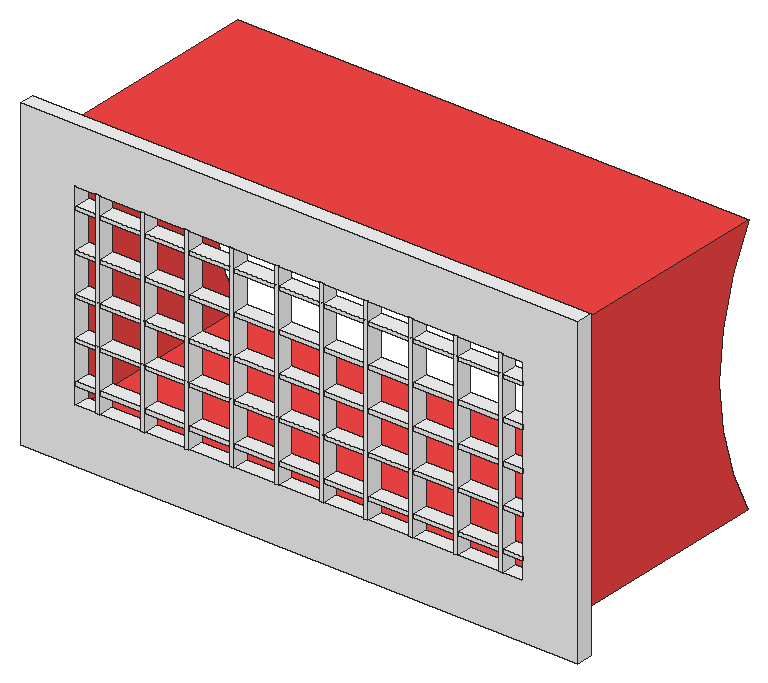
Revit family "SEQ_A3-15.1-Terminal-Round-To-Rect", category Mechanical Equipment, Revit 2016
Family settings
  Part Type = Undefined
  Round Connector Dimension = Use Diameter
  Work Plane-Based = No
  Always vertical = Yes
  Cut with Voids When Loaded = No
  Shared = No
  Room Calculation Point = No
Parameters (values of type "Terminal Rectangular16x8")
  WIDTH = 1' - 4"
  SIZE = "16x8"
  REGISTER TYPE [instance] = "SR1"
  MODEL # [instance] = "880H"
  LOCATION [instance] = "DUCT"
  LENGTH FROM DUCT [instance] = 0' - 6"
  LENGTH [instance] = 0' - 6"
  HEIGHT = 0' - 8"
  GRILLE FINISH [instance] = 15.1-REGISTER/ GRILLE
  FUNCTION [instance] = "SUPPLY REGISTER"
  DUCT TYPE [instance] = 15.1-SUPPLY DUCT
  DUCT TAP DIAMETER [instance] = 1' - 4"
  CFM [instance] = "200"
  CENTER OF DUCT - AFF [instance] = 6' - 0"
Reference planes (in)
  plane 1 "Center F/B": y = 1.97217
  plane 2: z = 0
  plane 3 "Center L/R": x = -1.72008
  plane 4: y = 9.97217
  plane 5: y = -6.02783
  plane 6: z = 80
  plane 7 "CENTER OF DUCT": z = 72
  plane 8: z = 64
  plane 9: x = -13.72008
  plane 10: x = -9.72008
  plane 11: x = 6.27992
  plane 12: x = 10.27992
  plane 13: y = -12.02783
  plane 14: z = 76
  plane 15: z = 68
  plane 16: y = -12.52783
  plane 17: x = -10.59508
  plane 18: x = 7.15492
  plane 19: z = 76.875
  plane 20: z = 67.125
  plane 21: z = 75.125
  plane 22: x = 5.40492
  plane 23: x = -8.84508
  plane 24: z = 68.875
  plane 25 "Center L/R": x = -2.43258
  plane 26 "Center L/R": x = -3.14508
  plane 27 "Center L/R": x = -3.85758
  plane 28 "Center L/R": x = -4.57008
  plane 29 "Center L/R": x = -5.28258
  plane 30 "Center L/R": x = -5.99508
  plane 31 "Center L/R": x = -6.70758
  plane 32 "Center L/R": x = -7.42008
  plane 33 "Center L/R": x = -8.13258
  plane 34 "Center L/R": x = -1.00758
  plane 35 "Center L/R": x = -0.29508
  plane 36 "Center L/R": x = 0.41742
  plane 37 "Center L/R": x = 1.12992
  plane 38 "Center L/R": x = 1.84242
  plane 39 "Center L/R": x = 2.55492
  plane 40 "Center L/R": x = 3.26742
  plane 41 "Center L/R": x = 3.97992
  plane 42 "Center L/R": x = 4.69242
  plane 43 "CENTER OF DUCT": z = 72.625
  plane 44 "CENTER OF DUCT": z = 73.25
  plane 45 "CENTER OF DUCT": z = 73.875
  plane 46 "CENTER OF DUCT": z = 74.5
  plane 47 "CENTER OF DUCT": z = 71.375
  plane 48 "CENTER OF DUCT": z = 70.75
  plane 49 "CENTER OF DUCT": z = 70.125
  plane 50 "CENTER OF DUCT": z = 69.5
Forms (in)
  Sweep 1, void
    path origin (0, 0, 72) x (0, -1, 0) y (1, 0, 0)
      loop
        line (-1.97217, -13.72008) -> (-1.97217, 10.27992)
    profile origin (-1.72008, 0, 72) x (0, 1, 0) y (0, 0, 1)
      loop
        circle (1.97217, 0) r 7.9375
  Sweep 2, solid, material "15.1-SUPPLY DUCT" <- "DUCT TYPE"
    path origin (0, 0, 0) x (1, 0, 0) y (0, 1, 0)
      loop
        line (-1.72008, 1.97217) -> (-1.72008, -12.02783)
    profile origin (0, -5.02783, 0) x (1, 0, 0) y (0, 0, 1)
      loop
        line (-9.72008, 76) -> (-9.72008, 68) -> (6.27992, 68) -> (6.27992, 76) -> (-9.72008, 76)
      loop
        line (-9.84508, 76.125) -> (-9.84508, 67.875) -> (6.40492, 67.875) -> (6.40492, 76.125) -> (-9.84508, 76.125)
  Sweep 3, solid, material "15.1-REGISTER/ GRILLE" <- "GRILLE FINISH"
    path origin (0, 0, 0) x (1, 0, 0) y (0, 1, 0)
      loop
        line (-10.59508, -12.02783) -> (-10.59508, -12.52783)
    profile origin (0, -12.27783, 0) x (1, 0, 0) y (0, 0, 1)
      loop
        line (-10.59508, 76.875) -> (-10.59508, 67.125) -> (7.15492, 67.125) -> (7.15492, 76.875) -> (-10.59508, 76.875)
      loop
        line (5.40492, 68.875) -> (5.40492, 75.125) -> (-8.84508, 75.125) -> (-8.84508, 68.875) -> (5.40492, 68.875)
  Sweep 4, solid, material "15.1-REGISTER/ GRILLE" <- "GRILLE FINISH"
    path origin (0, -12.02783, 0) x (1, 0, 0) y (0, 0, 1)
      loop
        line (-8.84508, 72) -> (5.40492, 72)
    profile origin (-1.72008, -12.02783, 0) x (0, 0, 1) y (0, -1, 0)
      loop
        line (72.0625, 0) -> (72.0625, 0.5) -> (71.9375, 0.5) -> (71.9375, 0) -> (72.0625, 0)
  Sweep 5, solid, material "15.1-REGISTER/ GRILLE" <- "GRILLE FINISH"
    path origin (-0.75, -14.02783, 0) x (1, 0, 0) y (0, 0, 1)
      loop
        line (-1.68258, 68.875) -> (-1.68258, 75.125)
    profile origin (0, -14.02783, 72) x (-1, 0, 0) y (0, -1, 0)
      loop
        line (2.49508, -2) -> (2.49508, -1.5) -> (2.37008, -1.5) -> (2.37008, -2) -> (2.49508, -2)
  Sweep 6, solid, material "15.1-REGISTER/ GRILLE" <- "GRILLE FINISH"
    path origin (-2.25, -14.02783, 0) x (1, 0, 0) y (0, 0, 1)
      loop
        line (-1.60758, 68.875) -> (-1.60758, 75.125)
    profile origin (0, -14.02783, 72) x (-1, 0, 0) y (0, -1, 0)
      loop
        line (3.92008, -2) -> (3.92008, -1.5) -> (3.79508, -1.5) -> (3.79508, -2) -> (3.92008, -2)
  Sweep 7, solid, material "15.1-REGISTER/ GRILLE" <- "GRILLE FINISH"
    path origin (-3.75, -14.02783, 0) x (1, 0, 0) y (0, 0, 1)
      loop
        line (-1.53258, 68.875) -> (-1.53258, 75.125)
    profile origin (0, -14.02783, 72) x (-1, 0, 0) y (0, -1, 0)
      loop
        line (5.34508, -2) -> (5.34508, -1.5) -> (5.22008, -1.5) -> (5.22008, -2) -> (5.34508, -2)
  Sweep 8, solid, material "15.1-REGISTER/ GRILLE" <- "GRILLE FINISH"
    path origin (-5.25, -14.02783, 0) x (1, 0, 0) y (0, 0, 1)
      loop
        line (-1.45758, 68.875) -> (-1.45758, 75.125)
    profile origin (0, -14.02783, 72) x (-1, 0, 0) y (0, -1, 0)
      loop
        line (6.77008, -2) -> (6.77008, -1.5) -> (6.64508, -1.5) -> (6.64508, -2) -> (6.77008, -2)
  Sweep 9, solid, material "15.1-REGISTER/ GRILLE" <- "GRILLE FINISH"
    path origin (-6.75, -14.02783, 0) x (1, 0, 0) y (0, 0, 1)
      loop
        line (-1.38258, 68.875) -> (-1.38258, 75.125)
    profile origin (0, -14.02783, 72) x (-1, 0, 0) y (0, -1, 0)
      loop
        line (8.19508, -2) -> (8.19508, -1.5) -> (8.07008, -1.5) -> (8.07008, -2) -> (8.19508, -2)
  Sweep 10, solid, material "15.1-REGISTER/ GRILLE" <- "GRILLE FINISH"
    path origin (-2.69017, -14.02783, 0) x (-1, 0, 0) y (0, 0, -1)
      loop
        line (-1.68258, -68.875) -> (-1.68258, -75.125)
    profile origin (0, -14.02783, 72) x (-1, 0, 0) y (0, -1, 0)
      loop
        line (0.94508, -2) -> (1.07008, -2) -> (1.07008, -1.5) -> (0.94508, -1.5) -> (0.94508, -2)
  Sweep 11, solid, material "15.1-REGISTER/ GRILLE" <- "GRILLE FINISH"
    path origin (-1.19017, -14.02783, 0) x (-1, 0, 0) y (0, 0, -1)
      loop
        line (-1.60758, -68.875) -> (-1.60758, -75.125)
    profile origin (0, -14.02783, 72) x (-1, 0, 0) y (0, -1, 0)
      loop
        line (-0.47992, -2) -> (-0.35492, -2) -> (-0.35492, -1.5) -> (-0.47992, -1.5) -> (-0.47992, -2)
  Sweep 12, solid, material "15.1-REGISTER/ GRILLE" <- "GRILLE FINISH"
    path origin (0.30983, -14.02783, 0) x (-1, 0, 0) y (0, 0, -1)
      loop
        line (-1.53258, -68.875) -> (-1.53258, -75.125)
    profile origin (0, -14.02783, 72) x (-1, 0, 0) y (0, -1, 0)
      loop
        line (-1.90492, -2) -> (-1.77992, -2) -> (-1.77992, -1.5) -> (-1.90492, -1.5) -> (-1.90492, -2)
  Sweep 13, solid, material "15.1-REGISTER/ GRILLE" <- "GRILLE FINISH"
    path origin (1.80983, -14.02783, 0) x (-1, 0, 0) y (0, 0, -1)
      loop
        line (-1.45758, -68.875) -> (-1.45758, -75.125)
    profile origin (0, -14.02783, 72) x (-1, 0, 0) y (0, -1, 0)
      loop
        line (-3.32992, -2) -> (-3.20492, -2) -> (-3.20492, -1.5) -> (-3.32992, -1.5) -> (-3.32992, -2)
  Sweep 14, solid, material "15.1-REGISTER/ GRILLE" <- "GRILLE FINISH"
    path origin (3.30983, -14.02783, 0) x (-1, 0, 0) y (0, 0, -1)
      loop
        line (-1.38258, -68.875) -> (-1.38258, -75.125)
    profile origin (0, -14.02783, 72) x (-1, 0, 0) y (0, -1, 0)
      loop
        line (-4.75492, -2) -> (-4.62992, -2) -> (-4.62992, -1.5) -> (-4.75492, -1.5) -> (-4.75492, -2)
  Sweep 15, solid, material "15.1-REGISTER/ GRILLE" <- "GRILLE FINISH"
    path origin (0, -14.02783, 1.5) x (1, 0, 0) y (0, 0, 1)
      loop
        line (-8.84508, 71.75) -> (5.40492, 71.75)
    profile origin (-1.72008, -14.02783, 0) x (0, 0, 1) y (0, -1, 0)
      loop
        line (73.3125, -2) -> (73.3125, -1.5) -> (73.1875, -1.5) -> (73.1875, -2) -> (73.3125, -2)
  Sweep 16, solid, material "15.1-REGISTER/ GRILLE" <- "GRILLE FINISH"
    path origin (0, -14.02783, 3) x (1, 0, 0) y (0, 0, 1)
      loop
        line (-8.84508, 71.5) -> (5.40492, 71.5)
    profile origin (-1.72008, -14.02783, 0) x (0, 0, 1) y (0, -1, 0)
      loop
        line (74.5625, -2) -> (74.5625, -1.5) -> (74.4375, -1.5) -> (74.4375, -2) -> (74.5625, -2)
  Sweep 17, solid, material "15.1-REGISTER/ GRILLE" <- "GRILLE FINISH"
    path origin (0, -14.02783, -1.5) x (1, 0, 0) y (0, 0, 1)
      loop
        line (-8.84508, 72.25) -> (5.40492, 72.25)
    profile origin (-1.72008, -14.02783, 0) x (0, 0, 1) y (0, -1, 0)
      loop
        line (70.8125, -2) -> (70.8125, -1.5) -> (70.6875, -1.5) -> (70.6875, -2) -> (70.8125, -2)
  Sweep 18, solid, material "15.1-REGISTER/ GRILLE" <- "GRILLE FINISH"
    path origin (0, -14.02783, -3) x (1, 0, 0) y (0, 0, 1)
      loop
        line (-8.84508, 72.5) -> (5.40492, 72.5)
    profile origin (-1.72008, -14.02783, 0) x (0, 0, 1) y (0, -1, 0)
      loop
        line (69.5625, -2) -> (69.5625, -1.5) -> (69.4375, -1.5) -> (69.4375, -2) -> (69.5625, -2)
Cuts and joins
  Sweep 1 cuts Sweep 2
Lines and regions (in)
  symbolic lines, style "InvisibleLines"
    curve 1: line (-1.72008, 0, 72) -> (-1.72008, 0, 0)
  symbolic lines, style "REGISTER/ GRILLE"
    curve 2: line (6.27992, -12.02783, 0) -> (-9.72008, -12.02783, 0)
    curve 3: line (-10.59508, -12.02783, 0) -> (7.15492, -12.02783, 0)
    curve 4: line (-10.59508, -13.27783, 0) -> (7.15492, -13.27783, 0)
    curve 5: line (7.15492, -13.27783, 0) -> (7.15492, -12.02783, 0)
    curve 6: line (-10.59508, -12.02783, 0) -> (-10.59508, -13.27783, 0)
  symbolic lines, style "TAP"
    curve 7: line (-9.72008, -12.02783, 0) -> (6.27992, -12.02783, 0)
    curve 8: line (-9.72008, -6.02783, 0) -> (-9.72008, -12.02783, 0)
    curve 9: line (6.27992, -6.02783, 0) -> (-9.72008, -6.02783, 0)
    curve 10: line (6.27992, -12.02783, 0) -> (6.27992, -6.02783, 0)
Dimensions and locks (in)
  equal spacing: plane 5, plane 1 "Center F/B", plane 4
  "DUCT TAP DIAMETER": plane 6 to plane 8
  equal spacing: plane 6, plane 7 "CENTER OF DUCT", plane 8
  "DUCT TAP DIAMETER": plane 5 to plane 4
  "CENTER OF DUCT - AFF": plane 7 "CENTER OF DUCT" to plane 2
  locked: plane 11 to plane 12 at 4
  equal spacing: plane 10, plane 3 "Center L/R", plane 11
  locked: plane 9 to plane 10 at 4
  "LENGTH FROM DUCT": plane 13 to plane 5
  "WIDTH": plane 10 to plane 11
  equal spacing: plane 14, plane 7 "CENTER OF DUCT", plane 15
  "HEIGHT": plane 14 to plane 15
  plane 16 to plane 13 = 0' - 0 1/2"
  locked: plane 17 to plane 10 at 0.875
  locked: plane 11 to plane 18 at 0.875
  locked: plane 15 to plane 20 at 0.875
  locked: plane 19 to plane 14 at 0.875
  Sweep 4 sketch curve to plane 7 "CENTER OF DUCT" to Sweep 4 sketch curve = 0' - 0 1/16" locked, 0' - 0 1/16" locked
  plane 14 to plane 21 = 0' - 0 7/8"
  plane 24 to plane 15 = 0' - 0 7/8"
  plane 22 to plane 11 = 0' - 0 7/8"
  plane 10 to plane 23 = 0' - 0 7/8"
  plane 23 to plane 3 "Center L/R" = 0' - 7 1/8"
  Sweep 5 sketch curve to profile plane to Sweep 5 sketch curve = 0' - 0 1/16", 0' - 0 1/16"
  Sweep 6 sketch curve to profile plane to Sweep 6 sketch curve = 0' - 0 1/16", 0' - 0 1/16"
  Sweep 7 sketch curve to profile plane to Sweep 7 sketch curve = 0' - 0 1/16", 0' - 0 1/16"
  Sweep 8 sketch curve to profile plane to Sweep 8 sketch curve = 0' - 0 1/16", 0' - 0 1/16"
  Sweep 9 sketch curve to profile plane to Sweep 9 sketch curve = 0' - 0 1/16", 0' - 0 1/16"
  equal spacing: plane 3 "Center L/R", plane 25 "Center L/R", plane 26 "Center L/R", plane 27 "Center L/R", plane 28 "Center L/R", plane 29 "Center L/R", plane 30 "Center L/R", plane 31 "Center L/R", plane 32 "Center L/R", plane 33 "Center L/R", plane 23
  Sweep 10 sketch curve to profile plane to Sweep 10 sketch curve = 0' - 0 1/16", 0' - 0 1/16"
  Sweep 11 sketch curve to profile plane to Sweep 11 sketch curve = 0' - 0 1/16", 0' - 0 1/16"
  Sweep 12 sketch curve to profile plane to Sweep 12 sketch curve = 0' - 0 1/16", 0' - 0 1/16"
  Sweep 13 sketch curve to profile plane to Sweep 13 sketch curve = 0' - 0 1/16", 0' - 0 1/16"
  Sweep 14 sketch curve to profile plane to Sweep 14 sketch curve = 0' - 0 1/16", 0' - 0 1/16"
  equal spacing: plane 3 "Center L/R", plane 34 "Center L/R", plane 35 "Center L/R", plane 36 "Center L/R", plane 37 "Center L/R", plane 38 "Center L/R", plane 39 "Center L/R", plane 40 "Center L/R", plane 41 "Center L/R", plane 42 "Center L/R", plane 22
  Sweep 15 sketch curve to plane 44 "CENTER OF DUCT" to Sweep 15 sketch curve = 0' - 0 1/16" locked, 0' - 0 1/16" locked
  Sweep 16 sketch curve to plane 46 "CENTER OF DUCT" to Sweep 16 sketch curve = 0' - 0 1/16" locked, 0' - 0 1/16" locked
  equal spacing: plane 21, plane 46 "CENTER OF DUCT", plane 45 "CENTER OF DUCT", plane 44 "CENTER OF DUCT", plane 43 "CENTER OF DUCT", plane 7 "CENTER OF DUCT"
  Sweep 17 sketch curve to plane 48 "CENTER OF DUCT" to Sweep 17 sketch curve = 0' - 0 1/16" locked, 0' - 0 1/16" locked
  Sweep 18 sketch curve to plane 50 "CENTER OF DUCT" to Sweep 18 sketch curve = 0' - 0 1/16" locked, 0' - 0 1/16" locked
  equal spacing: plane 7 "CENTER OF DUCT", plane 47 "CENTER OF DUCT", plane 48 "CENTER OF DUCT", plane 49 "CENTER OF DUCT", plane 50 "CENTER OF DUCT", plane 24
  locked: curve 4 to plane 16 at 0.75
  locked: Sweep 1 sketch curve to plane 6 at 0.0625
  aligned and locked: plane 2 to curve 1
  aligned and locked: curve 2 to plane 13
  aligned and locked: Sweep 1 sketch curve to plane 1 "Center F/B"
  aligned and locked: plane 1 "Center F/B" to Sweep 2 sketch curve
  aligned and locked: curve 2 to Sweep 2 sketch curve
  aligned and locked: Sweep 2 sketch curve to plane 3 "Center L/R"
  aligned and locked: plane 10 to Sweep 2 sketch curve
  aligned and locked: plane 14 to Sweep 2 sketch curve
  aligned and locked: plane 15 to Sweep 2 sketch curve
  aligned and locked: plane 11 to Sweep 2 sketch curve
  aligned and locked: plane 13 to Sweep 3 sketch curve
  aligned and locked: plane 17 to Sweep 3 sketch curve  (x2)
  aligned and locked: plane 19 to Sweep 3 sketch curve
  aligned and locked: plane 20 to Sweep 3 sketch curve
  aligned and locked: plane 18 to Sweep 3 sketch curve
  aligned and locked: curve 3 to Sweep 3
  aligned and locked: curve 5 to Sweep 3
  aligned and locked: curve 6 to Sweep 3
  aligned and locked: Sweep 3 to Sweep 4 sketch curve  (x3)
  aligned and locked: plane 7 "CENTER OF DUCT" to Sweep 4 sketch curve
  aligned and locked: Sweep 4 sketch curve to Sweep 3
  aligned and locked: plane 21 to Sweep 3 sketch curve
  aligned and locked: Sweep 3 sketch curve to plane 23
  aligned and locked: Sweep 3 sketch curve to plane 24
  aligned and locked: plane 22 to Sweep 3 sketch curve
  aligned and locked: plane 25 "Center L/R" to Sweep 5 sketch curve
  aligned and locked: plane 27 "Center L/R" to Sweep 6 sketch curve
  aligned and locked: plane 29 "Center L/R" to Sweep 7 sketch curve
  aligned and locked: plane 31 "Center L/R" to Sweep 8 sketch curve
  aligned and locked: plane 33 "Center L/R" to Sweep 9 sketch curve
  aligned and locked: Sweep 10 sketch curve to plane 34 "Center L/R"
  aligned and locked: Sweep 11 sketch curve to plane 36 "Center L/R"
  aligned and locked: Sweep 12 sketch curve to plane 38 "Center L/R"
  aligned and locked: Sweep 13 sketch curve to plane 40 "Center L/R"
  aligned and locked: Sweep 14 sketch curve to plane 42 "Center L/R"
  aligned and locked: plane 44 "CENTER OF DUCT" to Sweep 15 sketch curve
  aligned and locked: plane 46 "CENTER OF DUCT" to Sweep 16 sketch curve
  aligned and locked: plane 48 "CENTER OF DUCT" to Sweep 17 sketch curve
  aligned and locked: plane 50 "CENTER OF DUCT" to Sweep 18 sketch curve
  aligned and locked: curve 9 to plane 5
  aligned and locked: plane 10 to curve 8
  aligned and locked: curve 10 to plane 11
  aligned and locked: Sweep 3 to Sweep 9 sketch curve
  aligned and locked: Sweep 9 sketch curve to Sweep 3
  aligned and locked: Sweep 3 to Sweep 8 sketch curve
  aligned and locked: Sweep 8 sketch curve to Sweep 3
  aligned and locked: Sweep 3 to Sweep 7 sketch curve
  aligned and locked: Sweep 7 sketch curve to Sweep 3
  aligned and locked: Sweep 3 to Sweep 6 sketch curve
  aligned and locked: Sweep 6 sketch curve to Sweep 3
  aligned and locked: Sweep 3 to Sweep 5 sketch curve
  aligned and locked: Sweep 5 sketch curve to Sweep 3
  aligned and locked: Sweep 10 sketch curve to Sweep 3
  aligned and locked: Sweep 3 to Sweep 10 sketch curve
  aligned and locked: Sweep 11 sketch curve to Sweep 3
  aligned and locked: Sweep 3 to Sweep 11 sketch curve
  aligned and locked: Sweep 12 sketch curve to Sweep 3
  aligned and locked: Sweep 3 to Sweep 12 sketch curve
  aligned and locked: Sweep 13 sketch curve to Sweep 3
  aligned and locked: Sweep 3 to Sweep 13 sketch curve
  aligned and locked: Sweep 14 sketch curve to Sweep 3
  aligned and locked: Sweep 3 to Sweep 14 sketch curve
  aligned and locked: Sweep 3 to Sweep 16 sketch curve
  aligned and locked: Sweep 16 sketch curve to Sweep 3
  aligned and locked: Sweep 3 to Sweep 15 sketch curve
  aligned and locked: Sweep 15 sketch curve to Sweep 3
  aligned and locked: Sweep 3 to Sweep 17 sketch curve
  aligned and locked: Sweep 17 sketch curve to Sweep 3
  aligned and locked: Sweep 3 to Sweep 18 sketch curve
  aligned and locked: Sweep 18 sketch curve to Sweep 3
Automatic sketch dimensions
  curve 1 to plane 3 "Center L/R" = 0' - 0"
  curve 1 to plane 7 "CENTER OF DUCT" = 0' - 0"
  Sweep 1 sketch curve to profile plane = 0' - 0"
  Sweep 1 sketch curve to plane 9 = 0' - 0"
  Sweep 1 sketch curve to plane 12 = 0' - 0"
  Sweep 2 sketch curve to Sweep 2 sketch curve = 0' - 0 1/8"  (x4)
  Sweep 3 sketch curve to plane 16 = 0' - 0"
  Sweep 5 sketch curve to plane 24 = 0' - 0"
  Sweep 5 sketch curve to plane 21 = 0' - 0"
  Sweep 6 sketch curve to plane 24 = 0' - 0"
  Sweep 6 sketch curve to plane 21 = 0' - 0"
  Sweep 7 sketch curve to plane 24 = 0' - 0"
  Sweep 7 sketch curve to plane 21 = 0' - 0"
  Sweep 8 sketch curve to plane 24 = 0' - 0"
  Sweep 8 sketch curve to plane 21 = 0' - 0"
  Sweep 9 sketch curve to plane 24 = 0' - 0"
  Sweep 9 sketch curve to plane 21 = 0' - 0"
  Sweep 10 sketch curve to plane 21 = 0' - 0"
  Sweep 10 sketch curve to plane 24 = 0' - 0"
  Sweep 11 sketch curve to plane 21 = 0' - 0"
  Sweep 11 sketch curve to plane 24 = 0' - 0"
  Sweep 12 sketch curve to plane 21 = 0' - 0"
  Sweep 12 sketch curve to plane 24 = 0' - 0"
  Sweep 13 sketch curve to plane 21 = 0' - 0"
  Sweep 13 sketch curve to plane 24 = 0' - 0"
  Sweep 14 sketch curve to plane 21 = 0' - 0"
  Sweep 14 sketch curve to plane 24 = 0' - 0"
  Sweep 15 sketch curve to plane 23 = 0' - 0"
  Sweep 15 sketch curve to plane 22 = 0' - 0"
  Sweep 16 sketch curve to plane 23 = 0' - 0"
  Sweep 16 sketch curve to plane 22 = 0' - 0"
  Sweep 17 sketch curve to plane 23 = 0' - 0"
  Sweep 17 sketch curve to plane 22 = 0' - 0"
  Sweep 18 sketch curve to plane 23 = 0' - 0"
  Sweep 18 sketch curve to plane 22 = 0' - 0"
  Sweep 1 sketch curve to plane 7 "CENTER OF DUCT" = 0' - 0"
